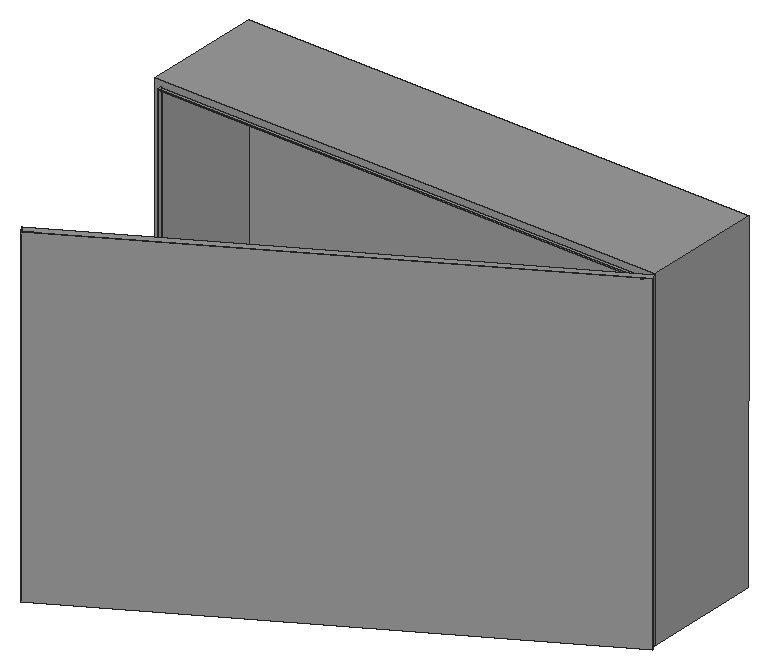
Revit family "Hager-Orion_Inox-IP55-D300-Cl.I-Inox_encl-630A-800mm-NoHosted-CH-en", category Electrical Equipment, Revit 2020
Family settings
  Panel Configuration = Two Columns, Circuits Across
  Round Connector Dimension = Use Diameter
  Part Type = Panelboard
  Work Plane-Based = Yes
  Always vertical = Yes
  Cut with Voids When Loaded = No
  Shared = No
  Room Calculation Point = No
Parameters (values of type "Surface mounted (plaster) IP55 W1200 H800 D300  - FL055BWL")
  Width Control [instance] = if([EF000008 - Width] > Min Width, [EF000008 - Width], Min Width)  # 1200 mm
  Type Comments = [HG000003 - Range]  # "Orion Inox"
  Thickness Door [instance] = if([EF009171 - Material plate thickness door/cover] > 3 mm, 3 mm, [EF009171 - Material plate thickness door/cover])  # 1.5 mm
  Seal Frame Offset [instance] = 17 mm  # constant formula
  Min Width [instance] = 100 mm  # constant formula
  Min Depth [instance] = (2 * [EF009170 - Material plate thickness cabinet]) + 1 mm  # 4 mm
  Min Height [instance] = 100 mm  # constant formula
  Internal Frame Depth [instance] = -(Door System Depth * 0.5)  # -9 mm
  Panel Name [instance] = ""  # (empty or 0)
  Model = ""
  HG000027 - Plinth height = 0 mm
  HG000026 - Floor standing = no
  HG000024 - Bottom section height = 600 mm
  HG000023 - Double section enclosure = no
  HG000016 - Door 3d visibility [instance] = yes
  HG000015 - Clearance visibility [instance] = no
  HG000014 - Door on the right [instance] = yes
  HG000013 - Door on the left [instance] = not([HG000014 - Door on the right])  # no
  HG000012 - Door swing angle [instance] = 30.00°
  HG000010 - Asymmetric doors = no
  HG000009 - Double swing door = no
  HG000006 - Flush mounted = no
  HG000004 - Manufacturer reference = "FL055BWL"
  HG000003 - Range = "Orion Inox"
  HG000002 - With door or cover = yes
  Frame Offset Bottom [instance] = 10 mm  # constant formula
  Frame Offset [instance] = 15 mm  # constant formula
  EF015940 - Cover with overpressure release = no
  EF011959 - Degree of protection (NEMA) = ""
  EF009554 - Number of openings for flange plates = 0
  EF009212 - Cover model = "EV000116 - Closed"
  EF009171 - Material plate thickness door/cover = 1.5 mm
  EF009170 - Material plate thickness cabinet = 1.5 mm
  EF008873 - Nominal current (In) = 630 A
  EF007800 - Suitable for lightning protection = no
  EF006306 - With lock = yes
  EF006244 - Transparent cover/door = no
  EF005474 - Degree of protection (IP) = "EV006420 - IP55"
  EF004464 - Type of door = "EV003602 - Double"
  EF004427 - Number of modules = 0
  EF004293 - Impact strength = "EV008784 - IK10"
  EF003532 - Suitable for outdoor use = yes
  EF002950 - Width in number of modular spacings = 0
  EF001613 - Circuit integrity = "EV000494 - None"
  EF001596 - Material housing = "EV000166 - Stainless steel"
  EF001131 - Internal depth = 266 mm
  EF001088 - Extension possible = yes
  EF000437 - Number of conduit inlets = 0
  EF000339 - Type of cover = "EV004216 - Door"
  EF000266 - Number of rows = 0
  EF000218 - Built-in depth = 0 mm
  EF000118 - With mounting plate = no
  EF000116 - RAL-number = ""
  EF000049 - Depth = 300 mm
  EF000040 - Height = 800 mm
  EF000008 - Width = 1200 mm
  EF000007 - Colour = "EV000154 - Other"
  EF000003 - Mounting method = "EV000384 - Surface mounted (plaster)"
  Door System Leaf Tolerance [instance] = 1.5 mm  # constant formula
  Door System Depth [instance] = 18 mm  # constant formula
  Description = ""
  Default Elevation = 1219.2 mm
  Connector Offset [instance] = Height Control / 2  # 400 mm
  Manufacturer = "Hager"  # constant formula
  Height Control [instance] = if([EF000040 - Height] > Min Height, [EF000040 - Height], Min Height)  # 800 mm
  Depth Control [instance] = if([EF000049 - Depth] > Min Depth, [EF000049 - Depth], Min Depth)  # 300 mm
Types (4, lengths in mm): name | Width Control | HG000004 - Manufacturer reference | EF000008 - Width
  Surface mounted (plaster) IP55 W1000 H800 D300  - FL054BW | 1000 | "FL054BW" | 1000
  Surface mounted (plaster) IP55 W1000 H800 D300  - FL054BWL | 1000 | "FL054BWL" | 1000
  Surface mounted (plaster) IP55 W1200 H800 D300  - FL055BW | 1200 | "FL055BW" | 1200
  Surface mounted (plaster) IP55 W1200 H800 D300  - FL055BWL | 1200 | "FL055BWL" | 1200
Reference planes
  plane 1 "Center (Front/Back)": y = 0
  plane 2: z = 0
  plane 3 "Center (Left/Right)": x = 0
  plane 4: y = 0
  plane 5: y = 0
  plane 6: z = 0
  plane 7: x = -600
  plane 8: x = 600
  plane 9: x = 598.5
  plane 10: x = -598.5
  plane 11: z = 0
  plane 12: z = 1.5
  plane 13: y = -300
  plane 14: y = -1.5
  plane 15: x = 0
  plane 16: y = -282
  plane 17: y = -298.5
  plane 18: y = -280.5
  plane 19: x = -583.5
  plane 20: x = 583.5
  plane 21: z = 11.5
  plane 22: x = -583
  plane 23: x = 583
  plane 24: z = 0
  plane 25: z = 800
  plane 26: z = 800
  plane 27: z = 783.5
  plane 28: z = 798.5
Forms (mm)
  Extrusion 1, solid, material "Hager_Stainless_Steel", detail levels medium+fine
    sketch origin (-208.679, -4572, 0) x (-1, 0, 0) y (0, -1, 0)
      loop
        line (391.321, -4290) -> (-808.679, -4290) -> (-808.679, -4572) -> (391.321, -4572) -> (391.321, -4290)
    from 0 to 800
  Extrusion 2, void
    sketch origin (-350.771, -300, 1219.2) x (1, 0, 0) y (0, 0, 1)
      loop
        line (-247.729, -420.7) -> (-247.729, -1217.7) -> (949.271, -1217.7) -> (949.271, -420.7) -> (-247.729, -420.7)
    from -19.5 to -298.5
  Extrusion 3, void
    sketch origin (-290.084, -282, 1219.2) x (1, 0, 0) y (0, 0, 1)
      loop
        line (-293.416, -1207.7) -> (873.584, -1207.7) -> (873.584, -435.7) -> (-293.416, -435.7) -> (-293.416, -1207.7)
    from 0 to -1.5
  Extrusion 4, solid, material "Hager_Stainless_Steel", detail levels fine
    sketch origin (-290.084, -282, 1219.2) x (-1, 0, 0) y (0, 0, 1)
      loop
        line (-873.584, -1207.7) -> (293.416, -1207.7) -> (293.416, -435.7) -> (-873.584, -435.7) -> (-873.584, -1207.7)
      loop
        line (-875.084, -1209.2) -> (294.916, -1209.2) -> (294.916, -434.2) -> (-875.084, -434.2) -> (-875.084, -1209.2)
    from 0 to -9 <- "Internal Frame Depth"
  Extrusion 5, solid, material "Hager_Stainless_Steel", detail levels coarse
    sketch origin (0, 0, 0) x (1, 0, 0) y (0, 1, 0)
      loop
        line (-600, 0) -> (-600, -300) -> (600, -300) -> (600, 0) -> (-600, 0)
    from 0 to 800 <- "Height Control"
Cuts and joins
  Extrusion 2, Extrusion 3 cuts Extrusion 1
Lines and regions (mm)
  Masking region 1
    outline origin (0, 0, 0) x (1, 0, 0) y (0, 1, 0)
      loop
        line (-600, 0) -> (-600, -300) -> (600, -300) -> (600, 0) -> (-600, 0)
  Masking region 2
    outline origin (-290.084, -282, 1219.2) x (-1, 0, 0) y (0, 0, 1)
      loop
        line (-890.084, -1219.2) -> (309.916, -1219.2) -> (309.916, -419.2) -> (-890.084, -419.2) -> (-890.084, -1219.2)
  Masking region 3, detail levels coarse
    outline origin (0, 0, 0) x (0, 1, 0) y (0, 0, 1)
      loop
        line (0, 0) -> (0, 800) -> (-300, 800) -> (-300, 0) -> (0, 0)
  Masking region 4, detail levels medium+fine
    outline origin (0, 0, 594.038) x (0, 1, 0) y (0, 0, 1)
      loop
        line (0, -594.038) -> (0, 205.962) -> (-282, 205.962) -> (-282, -594.038) -> (0, -594.038)
Dimensions and locks
  locked: plane 1 "Center (Front/Back)" to plane 5
  "EF009170 - Material plate thickness cabinet": plane 7 to plane 10
  "EF009170 - Material plate thickness cabinet": plane 8 to plane 9
  equal spacing: plane 7, plane 3 "Center (Left/Right)", plane 8
  "Width Control": plane 7 to plane 8
  "Depth Control": plane 4 to plane 13
  "EF009170 - Material plate thickness cabinet": plane 4 to plane 14
  "Height Control": plane 25 to level
  "EF009170 - Material plate thickness cabinet": plane 12 to plane 11
  "EF009170 - Material plate thickness cabinet": plane 17 to plane 13
  "EF009170 - Material plate thickness cabinet": plane 18 to plane 16
  "Frame Offset Bottom": plane 21 to plane 12
  "Frame Offset": plane 10 to plane 19
  "Frame Offset": plane 9 to plane 20
  "Door System Depth": plane 16 to plane 13
  "Seal Frame Offset": plane 7 to plane 22
  "Seal Frame Offset": plane 8 to plane 23
  "EF009170 - Material plate thickness cabinet": plane 26 to plane 28
  "Frame Offset": plane 28 to plane 27
  "Connector Offset": plane 2 to connector elem
  "Thickness Door": cut or joined group of Extrusion 1, Extrusion 2, Extrusion 3 to Extrusion 4 sketch curve
  "Thickness Door": Extrusion 4 sketch curve to plane 19
  "Thickness Door": Extrusion 4 sketch curve to plane 20
  "Thickness Door": Extrusion 4 sketch curve to plane 27
  aligned and locked: Extrusion 2 sketch curve to plane 12
  aligned and locked: Extrusion 2 sketch curve to plane 9
  aligned and locked: Extrusion 2 sketch curve to plane 10
  aligned and locked: Extrusion 2 to plane 14
  aligned and locked: Extrusion 1 sketch curve to plane 4
  aligned and locked: plane 8 to Extrusion 1 sketch curve
  aligned and locked: plane 7 to Extrusion 1 sketch curve
  aligned and locked: Extrusion 2 to plane 18
  aligned and locked: Extrusion 3 sketch curve to plane 19
  aligned and locked: plane 20 to Extrusion 3 sketch curve
  aligned and locked: Extrusion 3 to Extrusion 2
  aligned and locked: Extrusion 3 sketch curve to plane 21
  aligned and locked: plane 3 "Center (Left/Right)" to nested 1
  aligned and locked: Extrusion 1 sketch curve to plane 16
  aligned and locked: Masking region 1 sketch curve to plane 7
  aligned and locked: Masking region 1 sketch curve to plane 5
  aligned and locked: Masking region 1 sketch curve to plane 8
  aligned and locked: Masking region 2 sketch curve to level
  aligned and locked: level to Masking region 3 sketch curve
  aligned and locked: plane 1 "Center (Front/Back)" to Masking region 3 sketch curve
  aligned and locked: plane 13 to Masking region 3 sketch curve
  aligned and locked: Masking region 2 sketch curve to plane 8
  aligned and locked: Masking region 2 sketch curve to plane 7
  aligned and locked: plane 7 to nested 2
  aligned and locked: nested 2 to plane 5
  aligned and locked: plane 5 to Masking region 4 sketch curve
  aligned and locked: plane 26 to Masking region 4 sketch curve
  aligned and locked: Extrusion 5 sketch curve to plane 8
  aligned and locked: Extrusion 5 sketch curve to plane 7
  aligned and locked: Extrusion 5 sketch curve to plane 5
  aligned and locked: Extrusion 3 sketch curve to plane 27
  aligned and locked: Extrusion 2 sketch curve to plane 28
  aligned and locked: Extrusion 4 sketch curve to plane 27
  aligned and locked: Extrusion 4 sketch curve to plane 20
  aligned and locked: Extrusion 4 sketch curve to plane 21
  aligned and locked: Extrusion 4 sketch curve to plane 19
  aligned and locked: Masking region 2 to plane 25
  aligned and locked: Masking region 4 sketch curve to plane 24
  aligned and locked: Masking region 1 to plane 13
  aligned and locked: nested 1 to plane 16
  aligned and locked: Masking region 3 to plane 25
  aligned and locked: Masking region 4 sketch curve to plane 16
  aligned and locked: plane 24 to plane 11
  aligned and locked: plane 26 to plane 25
  aligned and locked: level to plane 24
  aligned and locked: Extrusion 1 to Masking region 3
  aligned and locked: nested 1 to level
Automatic sketch dimensions
  Extrusion 5 sketch curve to plane 13 = 0 mm
  plane 27 to Masking region 2 sketch curve = 16.5 mm
  plane 27 to Masking region 3 sketch curve = 16.5 mm
  Masking region 1 sketch curve to plane 13 = 0 mm
  Extrusion 3 sketch curve to plane 21 = 0 mm
  plane 19 to Extrusion 3 sketch curve = 0 mm
  Extrusion 3 sketch curve to plane 20 = 0 mm
Nested families
  nested 1: "EC000058_OrionInox_Door" at (0, -282, 0), Double <- "HG000009 - Double swing door", Transparent <- "EF006244 - Transparent cover/door", Angle <- "HG000012 - Door swing angle", Door_Right <- "HG000014 - Door on the right", Assymetrical <- "HG000010 - Asymmetric doors", Door <- "HG000002 - With door or cover", Width_Ctrl <- "Width Control", 3d_Door <- "HG000016 - Door 3d visibility", Clearance <- "HG000015 - Clearance visibility", Door_Left <- "HG000013 - Door on the left", Width <- "Width Control", Door_Depth <- "Door System Depth", Leaf_Tolerance <- "Door System Leaf Tolerance", Height <- "Height Control", Thickness <- "Thickness Door", type "EC000058_OrionInox_Door", detail levels medium+fine
    with min_wh 4 mm, Width_Ctrl 1200 mm, Width 1200 mm, Transparent no, Thickness 1.5 mm, Seal_Material Hager_Rubber, Leaf_Width 1200 mm, Leaf_Tolerance_External_Sides 0 mm, Leaf_Tolerance 1.5 mm, Leaf_Offset 0 mm, Leaf_Height 797 mm, Leaf_2_Width 1200 mm, Leaf_2_Offset 600 mm, Leaf_1_Width 1200 mm, Leaf_1_Offset 600 mm, Height_Ctrl 800 mm, Height 800 mm, Glass_Material Hager_Glass, Double_Clearance_Ctrl no, Double no, Door_Right_Ctrl yes, Door_Right yes, Door_Material Hager_Stainless_Steel, Door_Left_Ctrl no, Door_Left no, Door_Depth 18 mm, Door yes, Clearance_Material Hager_Clearance, Clearance_Depth 1200 mm, Clearance_Ctrl no, Clearance no, Assymetrical no, Angle 30.00°, 3d_Door yes
  nested 2: "Hager_Enclosure_Symbol" at (-600, 0, 0), Height <- "Depth Control", Width <- "Width Control", type "Hager_Enclosure_Symbol"
    with Width_Ctrl 1200 mm, Width 1200 mm, Height_Ctrl 300 mm, Height 300 mm, A_Width_Int 19.688 mm, A_Width 236.25 mm, A_Height_Ctrl 262.5 mm, A_Height 262.5 mm
Connectors
  electrical at (0, 0, 400)
    settings: on plane 1 "Center (Front/Back)", index 1, voltage 0 V, apparent load 0 VA, apparent load phase1 0 VA, apparent load phase2 0 VA, apparent load phase3 0 VA, power factor 1, load classification "Other", number of poles 1, system type 30, power factor state 1, is connector primary yes, connector utility no, sub classification motor no, connector description ""
Definition of nested family "EC000058_OrionInox_Door"
  Parameters (values of type "EC000058_OrionInox_Door")
    min_wh [instance] = (2 * Thickness) + 1 mm  # 11 mm
    Width_Ctrl [instance] = 400 mm
    Width [instance] = 500 mm
    Transparent [instance] = yes
    Thickness [instance] = 5 mm
    Seal_Material [instance] = none
    Leaf_Width [instance] = if((Width_Ctrl - 2 * Leaf_Tolerance_External_Sides) > 0 mm, (Width_Ctrl - 2 * Leaf_Tolerance_External_Sides), min_wh)  # 400 mm
    Leaf_Tolerance_External_Sides [instance] = 0 mm  # constant formula
    Leaf_Tolerance [instance] = 1.5 mm
    Leaf_Offset [instance] = 0 mm  # constant formula
    Leaf_Height [instance] = if((Height_Ctrl - 2 * Leaf_Tolerance) > 0 mm, (Height_Ctrl - 2 * Leaf_Tolerance), min_wh)  # 497 mm
    Leaf_2_Width [instance] = if(and(and(Double, Assymetrical), Door_Left), (Leaf_Width / 3) - (Leaf_Tolerance / 2), if(and(and(Double, Assymetrical), Door_Right), (Leaf_Width / 3) * 2 - (Leaf_Tolerance / 2), if(and(Double, not(Assymetrical)), (Leaf_Width / 2) - Leaf_Tolerance, Leaf_Width)))  # 400 mm
    Leaf_2_Offset [instance] = if(and(Double, Assymetrical), Leaf_2_Width / 2, if(and(Double, not(Assymetrical)), Leaf_Width / 4, Leaf_Width / 2))  # 200 mm
    Leaf_1_Width [instance] = if(and(and(Double, Assymetrical), Door_Right), (Leaf_Width / 3) - (Leaf_Tolerance / 2), if(and(and(Double, Assymetrical), Door_Left), (Width / 3) * 2 - (Leaf_Tolerance / 2), if(and(Double, not(Assymetrical)), (Leaf_Width / 2) - Leaf_Tolerance, Leaf_Width)))  # 400 mm
    Leaf_1_Offset [instance] = if(and(Double, Assymetrical), Leaf_1_Width / 2, if(and(Double, not(Assymetrical)), Leaf_Width / 4, Leaf_Width / 2))  # 200 mm
    Height_Ctrl [instance] = if(Height > min_wh, Height, min_wh)  # 500 mm
    Height [instance] = 500 mm
    Glass_Material [instance] = none
    Double_Clearance_Ctrl [instance] = and(Double, Clearance)  # no
    Double [instance] = no
    Door_Right_Ctrl [instance] = and(or(Door_Right, Double), Door)  # yes
    Door_Right [instance] = yes
    Door_Material [instance] = none
    Door_Left_Ctrl [instance] = and(or(Door_Left, Double), Door)  # no
    Door_Left [instance] = no
    Door_Depth [instance] = 30 mm
    Door [instance] = yes
    Default Elevation = 1219.2 mm
    Clearance_Material [instance] = none
    Clearance_Depth [instance] = if(Leaf_1_Width > Leaf_2_Width, Leaf_1_Width, Leaf_2_Width)  # 400 mm
    Clearance_Ctrl [instance] = and(not(Double), Clearance)  # yes
    Clearance [instance] = yes
    Assymetrical [instance] = yes
    Angle [instance] = 30.00°
    3d_Door [instance] = yes
  Reference planes
    plane 1 "Center (Front/Back)": y = 0
    plane 2 "Bottom": z = 0
    plane 3 "Center (Left/Right)": x = 0
    plane 4: z = 500
    plane 5: x = -200
    plane 6: x = 200
    plane 7: z = 500
    plane 8: x = -200
    plane 9: z = 0
    plane 10: x = 200
    plane 11: y = 0
    plane 12: z = 1.5
    plane 13: x = -600
    plane 14: y = -400
    plane 15: x = 600
    plane 16: x = 0
    plane 17: x = 0
    plane 18: x = -200
    plane 19: x = 200
    plane 20: z = 498.5
  Forms (mm)
    Extrusion 1, solid, material <- "Clearance_Material", visible <- "Double_Clearance_Ctrl"
      sketch origin (1200, 0, 0) x (1, 0, 0) y (0, 0, -1)
        loop
          line (-1800, -498.5) -> (-600, -498.5) -> (-600, 0) -> (-1800, 0) -> (-1800, -498.5)
      from 0 to -400
  Dimensions and locks
    equal spacing: plane 5, plane 3 "Center (Left/Right)", plane 6
    "Width_Ctrl": plane 5 to plane 6
    "Leaf_Offset": plane 5 to plane 8
    "Leaf_Offset": plane 6 to plane 10
    "Leaf_Offset": plane 9 to level
    "Leaf_Offset": plane 4 to plane 7
    "Height_Ctrl": plane 4 to level
    "Leaf_Tolerance": plane 12 to plane 9
    locked: plane 11 to plane 1 "Center (Front/Back)"
    "Leaf_1_Offset": plane 18 to plane 16
    "Leaf_2_Offset": plane 17 to plane 19
    "Leaf_1_Width": plane 13 to plane 8
    "Leaf_2_Width": plane 10 to plane 15
    "Clearance_Depth": plane 14 to plane 1 "Center (Front/Back)"
    "Leaf_Tolerance_External_Sides": plane 8 to plane 18
    "Leaf_Tolerance_External_Sides": plane 19 to plane 10
    "Leaf_Tolerance": plane 7 to plane 20
    aligned and locked: level to plane 2 "Bottom"
    aligned and locked: nested 1 to plane 16
    aligned and locked: nested 2 to plane 17
    aligned and locked: Extrusion 1 to plane 13
    aligned and locked: plane 15 to Extrusion 1
    aligned and locked: Extrusion 1 to plane 14
    aligned and locked: plane 12 to nested 1
    aligned and locked: nested 2 to plane 12
    aligned and locked: Extrusion 1 to plane 11
    aligned and locked: plane 20 to Extrusion 1
    aligned and locked: nested 2 to plane 11
    aligned and locked: nested 1 to plane 11
  Automatic sketch dimensions
    Extrusion 1 sketch curve to level = 0 mm
    plane 5 to Extrusion 1 sketch curve = 400 mm
    plane 6 to Extrusion 1 sketch curve = 400 mm
    Extrusion 1 sketch curve to plane 4 = 1.5 mm
  Nested families
    nested 1: "EC000058_OrionInox_Door_Leaf" at (0, 0, 1.5), Width <- "Leaf_1_Width", visible <- "Door_Left_Ctrl", Leaf_Height <- "Leaf_Height", Angle <- "Angle", 3d_Door <- "3d_Door", Transparent <- "Transparent", Clearance Material <- "Clearance_Material", Clearance <- "Clearance_Ctrl", Door_Material <- "Door_Material", Glass_Material <- "Glass_Material", Door_Depth <- "Door_Depth", Seal_Material <- "Seal_Material", Thickness <- "Thickness", type "EC000058_OrionInox_Door_Leaf"
      with Width 400 mm, Transparent_Ctrl yes, Transparent yes, Thickness 5 mm, Standard no, Seal_Material none, Seal_D2 8 mm, Seal_D1 1 mm, Offset_Internal_Frame 10 mm, Lock_Width 28 mm, Lock_Thickness 2 mm, Lock_Radius 6 mm, Leaf_Height 497 mm, Internal_Seal_Thickness 8 mm, Internal_Seal_Depth_2 4.5 mm, Internal_Frame_Depth 25 mm, Glass_Thickness -1 mm, Glass_Offset -2 mm, Glass_Material none, Door_Material none, Door_Depth 30 mm, Clearance Material none, Clearance yes, Angle_Ctrl 30.00°, Angle 30.00°, 3d_Door yes
    nested 2: "EC000058_OrionInox_Door_Leaf" at (0, 0, 1.5) x (-1, 0, 0) z (0, 0, 1), Width <- "Leaf_2_Width", visible <- "Door_Right_Ctrl", Leaf_Height <- "Leaf_Height", Angle <- "Angle", 3d_Door <- "3d_Door", Transparent <- "Transparent", Clearance Material <- "Clearance_Material", Clearance <- "Clearance_Ctrl", Door_Material <- "Door_Material", Glass_Material <- "Glass_Material", Door_Depth <- "Door_Depth", Seal_Material <- "Seal_Material", Thickness <- "Thickness", type "EC000058_OrionInox_Door_Leaf"
      with Width 400 mm, Transparent_Ctrl yes, Transparent yes, Thickness 5 mm, Standard no, Seal_Material none, Seal_D2 8 mm, Seal_D1 1 mm, Offset_Internal_Frame 10 mm, Lock_Width 28 mm, Lock_Thickness 2 mm, Lock_Radius 6 mm, Leaf_Height 497 mm, Internal_Seal_Thickness 8 mm, Internal_Seal_Depth_2 4.5 mm, Internal_Frame_Depth 25 mm, Glass_Thickness -1 mm, Glass_Offset -2 mm, Glass_Material none, Door_Material none, Door_Depth 30 mm, Clearance Material none, Clearance yes, Angle_Ctrl 30.00°, Angle 30.00°, 3d_Door yes
  Definition of nested family "EC000058_OrionInox_Door_Leaf"
    Parameters (values of type "EC000058_OrionInox_Door_Leaf")
      Width [instance] = 450 mm
      Transparent_Ctrl [instance] = and(Transparent, [3d_Door])  # yes
      Transparent [instance] = yes
      Thickness [instance] = 5 mm
      Standard [instance] = and(not(Transparent), [3d_Door])  # no
      Seal_Material [instance] = none
      Seal_D2 [instance] = 8 mm  # constant formula
      Seal_D1 [instance] = 1 mm  # constant formula
      Offset_Internal_Frame [instance] = 10 mm  # constant formula
      Lock_Width [instance] = Door_Depth - Lock_Thickness  # 28 mm
      Lock_Thickness [instance] = 2 mm  # constant formula
      Lock_Radius [instance] = 6 mm  # constant formula
      Leaf_Height [instance] = 450 mm
      Internal_Seal_Thickness [instance] = 8 mm  # constant formula
      Internal_Seal_Depth_2 [instance] = 4.5 mm  # constant formula
      Internal_Frame_Depth [instance] = if(Door_Depth - Thickness > 5 mm, Door_Depth - Thickness, 5 mm)  # 25 mm
      Glass_Thickness [instance] = if(Thickness > 15 mm, Glass_Offset + 10 mm, -1 mm)  # -1 mm
      Glass_Offset [instance] = if(Thickness > 15 mm, -(Thickness + 10 mm) / 2, -2 mm)  # -2 mm
      Glass_Material [instance] = none
      Door_Material [instance] = none
      Door_Depth [instance] = 30 mm
      Default Elevation = 0 mm
      Clearance Material [instance] = none
      Clearance [instance] = yes
      Angle_Ctrl [instance] = if(Angle > 180.00°, 180.00°, Angle)  # 90.00°
      Angle [instance] = 90.00°
      3d_Door [instance] = yes
    Reference planes
      plane 1 "Center (Front/Back)": y = 0
      plane 2: z = 0
      plane 3 "Center (Left/Right)": x = 0
      plane 4: y = 450
      plane 5: x = -225
      plane 6: x = 225
      plane 7: x = -675
      plane 8: z = 450
      plane 9: z = 30
      plane 10: z = 420
      plane 11: x = 195
      plane 12: x = -195
      plane 13: y = -3
      plane 14: z = 107.833
      plane 15: y = -5
      plane 16: y = -223.314
      plane 17: x = -225
      plane 18: y = 30
    Forms (mm)
      Extrusion 1, solid, material <- "Clearance Material", visible <- "Clearance"
        sketch origin (0, 0, 0) x (1, 0, 0) y (0, 0, 1)
          loop
            line (-675, 450) -> (-675, 0) -> (225, 0) -> (225, 450) -> (-675, 450)
        from 0 to -450
      Extrusion 2, solid, material <- "Door_Material", visible <- "Standard", detail levels medium+fine
        sketch origin (-225, 0, 0) x (0, 1, 0) y (-1, 0, 0)
          loop
            line (0, 30) -> (0, 25) -> (450, 25) -> (450, 30) -> (0, 30)
        from 0 to 450 <- "Leaf_Height"
      Extrusion 3, solid, material <- "Door_Material", visible <- "Transparent_Ctrl", detail levels medium+fine
        sketch origin (-225, 0, 0) x (0, 1, 0) y (-1, 0, 0)
          loop
            line (0, 25) -> (450, 25) -> (450, 30) -> (0, 30) -> (0, 25)
        from 0 to 450 <- "Leaf_Height"
      Extrusion 4, void
        sketch origin (-250, 450, 0) x (0, 1, 0) y (0, 0, -1)
          loop
            line (-30, -420) -> (-30, -30) -> (-420, -30) -> (-420, -420) -> (-30, -420)
        from 0 to 5 <- "Thickness"
      Sweep 5, solid, material <- "Seal_Material", visible <- "Transparent_Ctrl", detail levels fine
        path in 3D
          loop
            line (-250, 30, 30) -> (-250, 30, 420) -> (-250, 420, 420) -> (-250, 420, 30) -> (-250, 30, 30)
        profile origin (-250, 225, 30) x (1, 0, 0) y (0, 0, 1)
          loop
            line (0, 0) -> (0, -8) -> (1, -8) -> (1, 0) -> (0, 0)
      Extrusion 6, solid, material <- "Glass_Material", visible <- "Transparent_Ctrl", detail levels medium+fine
        sketch origin (-255, 0, 0) x (0, 1, 0) y (0, 0, -1)
          loop
            line (420, -420) -> (420, -30) -> (30, -30) -> (30, -420) -> (420, -420)
        from -2 <- "Glass_Offset" to -1 <- "Glass_Thickness"
      Extrusion 7, solid, material <- "Door_Material", visible <- "3d_Door", detail levels medium+fine
        sketch origin (-250, 450, 0) x (0, -1, 0) y (0, 0, -1)
          loop
            line (0, -450) -> (450, -450) -> (450, 0) -> (0, 0) -> (0, -450)
          loop
            line (445, -5) -> (5, -5) -> (5, -445) -> (445, -445) -> (445, -5)
        from 0 to 25 <- "Internal_Frame_Depth"
      Sweep 8, solid, material <- "Seal_Material", visible <- "Transparent_Ctrl", detail levels fine
        path in 3D
          loop
            line (-250, 0, 0) -> (-250, 450, 0) -> (-250, 450, 450) -> (-250, 0, 450) -> (-250, 0, 0)
        profile origin (-250, 0, 225) x (1, 0, 0) y (0, 1, 0)
          loop
            line (0, 10) -> (2.975, 10)
            arc (2.975, 10) -> (4.053, 10.447) -> (4.5, 11.525) r 1.525
            line (4.5, 11.525) -> (4.5, 16.527)
            arc (4.5, 16.527) -> (4.069, 17.569) -> (3.027, 18) r 1.473
            line (3.027, 18) -> (0, 18) -> (0, 10)
    Cuts and joins
      Extrusion 4 cuts Extrusion 3
    Lines and regions (mm)
      Masking region 1, detail levels medium+fine
        outline origin (0, 0, 0) x (0, 1, 0) y (0, 0, 1)
          loop
            line (0, 0) -> (30, 0) -> (30, 450) -> (0, 450) -> (0, 0)
      Masking region 2, detail levels medium+fine
        outline origin (0, 0, 0) x (1, 0, 0) y (0, 0, 1)
          loop
            line (-225, 450) -> (-225, 0) -> (225, 0) -> (225, 450) -> (-225, 450)
      symbolic lines
        curve 1: line (225, 0, 0) -> (-675, 0, 0)
        curve 2: arc (225, 0, 0) -> (-225, 450, 0) -> (-675, 0, 0) r 450
        curve 4: line (-255, 0, 0) -> (-255, 450, 0)
      reference lines
        curve 3: line (-225, 0, 0) -> (-225, 450, 0)
      symbolic lines, detail levels medium+fine
        curve 5: line (-255, 450, 0) -> (-250, 450, 0)
        curve 7: line (-250, 0, 0) -> (-255, 0, 0)
        curve 8: line (-250, 0, 0) -> (-225, 0, 0)
        curve 9: line (-225, 0, 0) -> (-225, 450, 0)
        curve 10: line (-225, 450, 0) -> (-250, 450, 0)
      symbolic lines, detail levels fine
        curve 6: line (-250, 450, 0) -> (-250, 0, 0)
      sketch lines
        curve 11: line (-250, 0, 450) -> (-250, 0, 0)
        curve 12: line (-250, 450, 0) -> (-250, 0, 0)
        curve 13: line (-250, 450, 450) -> (-250, 450, 0)
        curve 14: line (-250, 0, 450) -> (-250, 450, 450)
        curve 15: line (-250, 420, 30) -> (-250, 30, 30)
        curve 16: line (-250, 30, 30) -> (-250, 30, 420)
        curve 17: line (-250, 420, 420) -> (-250, 420, 30)
        curve 18: line (-250, 30, 420) -> (-250, 420, 420)
      symbolic lines, visible <- "Transparent", detail levels medium+fine
        curve 19: line (-195, 0, 420) -> (195, 0, 420)
        curve 20: line (-195, 0, 30) -> (-195, 0, 420)
        curve 21: line (195, 0, 30) -> (-195, 0, 30)
        curve 22: line (195, 0, 420) -> (195, 0, 30)
    Dimensions and locks
      "Width": plane 1 "Center (Front/Back)" to plane 4
      equal spacing: plane 5, plane 3 "Center (Left/Right)", plane 6
      "Width": plane 5 to plane 6
      "Width": plane 7 to plane 5
      "Leaf_Height": plane 8 to level
      "Width": curve 5 to curve 3
      "Width": curve 3 to curve 3
      plane 8 to plane 10 = 30 mm
      plane 9 to level = 30 mm
      plane 12 to plane 5 = 30 mm
      plane 6 to plane 11 = 30 mm
      Extrusion 4 sketch curve to Extrusion 3 = 30 mm
      Extrusion 3 to Extrusion 4 sketch curve = 30 mm
      Extrusion 1 to Extrusion 4 sketch curve = 30 mm
      curve 3 to Extrusion 4 sketch curve = 30 mm
      Extrusion 4 sketch curve to cut or joined group of Extrusion 3, Extrusion 4 = 30 mm
      cut or joined group of Extrusion 3, Extrusion 4 to Extrusion 6 sketch curve = 30 mm
      cut or joined group of Extrusion 3, Extrusion 4 to Extrusion 4 sketch curve = 30 mm
      "Thickness": curve 6 to curve 4
      "Thickness": Extrusion 7 sketch curve to Extrusion 7 sketch curve  (x4)
      "Door_Depth": curve 4 to curve 3
      "Offset_Internal_Frame": profile plane to Sweep 8 sketch curve
      "Internal_Seal_Thickness": Sweep 8 sketch curve to Sweep 8 sketch curve
      "Internal_Seal_Depth_2": profile plane to Sweep 8 sketch curve
      "Seal_D1": profile plane to Sweep 5 sketch curve
      "Seal_D2": profile plane to Sweep 5 sketch curve
      "Thickness": Extrusion 2 sketch curve to Extrusion 2 sketch curve
      "Door_Depth": plane 18 to plane 1 "Center (Front/Back)"
      radius of Sweep 8 sketch curve = 1.525 mm
      radius of Sweep 8 sketch curve = 1.473 mm
      "Angle_Ctrl": angle plane 1 "Center (Front/Back)" to curve 3
      aligned and locked: level to plane 2
      aligned and locked: Extrusion 1 to curve 1
      aligned and locked: plane 6 to Extrusion 1
      aligned and locked: plane 1 "Center (Front/Back)" to Extrusion 1
      aligned and locked: plane 4 to Extrusion 1
      aligned and locked: plane 8 to Extrusion 1
      aligned and locked: curve 7 to Extrusion 2 sketch curve
      aligned and locked: curve 5 to Extrusion 2 sketch curve
      aligned and locked: curve 7 to Extrusion 3 sketch curve
      aligned and locked: Extrusion 3 sketch curve to curve 4
      aligned and locked: Extrusion 3 sketch curve to curve 6
      aligned and locked: Extrusion 3 sketch curve to curve 5
      aligned and locked: curve 9 to curve 3
      aligned and locked: Extrusion 7 sketch curve to cut or joined group of Extrusion 3, Extrusion 4  (x4)
      aligned and locked: plane 17 to curve 3
      aligned and locked: plane 1 "Center (Front/Back)" to curve 3
      aligned and locked: plane 17 to plane 5
      aligned and locked: Sweep 8 sketch curve to profile plane
      aligned and locked: Sweep 5 sketch curve to profile plane  (x2)
      aligned and locked: plane 1 "Center (Front/Back)" to Masking region 1 sketch curve
      aligned and locked: plane 18 to Masking region 1 sketch curve
      aligned and locked: level to Masking region 1 sketch curve
      aligned and locked: Masking region 1 sketch curve to plane 8
      aligned and locked: plane 17 to Masking region 2 sketch curve
      aligned and locked: level to Masking region 2 sketch curve
      aligned and locked: Masking region 2 sketch curve to plane 8
      aligned and locked: plane 12 to curve 20
      aligned and locked: plane 10 to curve 19
      aligned and locked: plane 11 to curve 22
      aligned and locked: plane 9 to curve 21
      aligned and locked: Extrusion 2 sketch curve to cut or joined group of Extrusion 3, Extrusion 4
    Automatic sketch dimensions
      plane 1 "Center (Front/Back)" to curve 2 = 0 mm
      curve 2 to plane 5 = 0 mm
      Extrusion 1 sketch curve to level = 0 mm
      Extrusion 1 sketch curve to plane 7 = 0 mm
      Extrusion 1 sketch curve to plane 6 = 0 mm
      Extrusion 1 sketch curve to plane 8 = 0 mm
      Extrusion 3 to Extrusion 6 sketch curve = 30 mm  (x4)
      Masking region 2 sketch curve to plane 6 = 0 mm
      curve 4 to curve 3 = 0 mm
Definition of nested family "Hager_Enclosure_Symbol"
  Parameters (values of type "Hager_Enclosure_Symbol")
    Width_Ctrl [instance] = if(Width > 1 mm, Width, 1 mm)  # 102.27 mm
    Width [instance] = 102.27 mm
    Height_Ctrl [instance] = if(Height > 1 mm, Height, 1 mm)  # 66.5 mm
    A_Width_Int [instance] = if(A_Width / 12 > 2 mm, A_Width / 12, 2 mm)  # 4.364 mm
    A_Width [instance] = if(A_Height_Ctrl * 0.9 > 2 mm, A_Height_Ctrl * 0.9, 2 mm)  # 52.369 mm
    A_Height_Ctrl [instance] = if(A_Height > 2 mm, A_Height, 2 mm)  # 58.188 mm
    Height [instance] = 66.5 mm
    A_Height [instance] = Height - (Height / 8)  # 58.188 mm
  Reference planes
    plane 1 "Centre (avant/arrière)": y = 0
    plane 2: z = 0
    plane 3 "Centre (gauche/droite)": x = 0
    plane 4: x = 52.369
    plane 5: y = 33.042
    plane 6: y = 41.77
    plane 7: y = 66.5
    plane 8: x = 26.184
    plane 9: y = 37.406
    plane 10: x = 102.27
    plane 11: y = 66.5
    plane 12: y = 8.313
  Lines and regions (mm)
    Filled region 1, type "Solid_Black", in view "Niveau de réf."
      outline origin (0, 0, 0) x (1, 0, 0) y (0, 1, 0)
        loop
          line (52.369, 66.5) -> (33.188, 54.536) -> (45.365, 45.006) -> (52.369, 66.5)
    Filled region 2, type "Solid_Black", in view "Niveau de réf."
      outline origin (0, 0, 0) x (1, 0, 0) y (0, 1, 0)
        loop
          line (0, 0) -> (102.27, 0) -> (102.27, 66.5) -> (0, 0)
    detail lines, in view "Niveau de réf."
      curve 1: line (0, 8.313, 0) -> (26.184, 41.77, 0)
      curve 2: line (26.184, 41.77, 0) -> (26.184, 33.042, 0)
      curve 3: line (26.184, 33.042, 0) -> (52.369, 66.5, 0)
  Dimensions and locks
    "A_Width": plane 3 "Centre (gauche/droite)" to plane 4
    equal spacing: plane 3 "Centre (gauche/droite)", plane 8, plane 4
    equal spacing: plane 6, plane 9, plane 5
    equal spacing: curve 3, Filled region 1 sketch curve, Filled region 1 sketch curve
    "Height_Ctrl": plane 1 "Centre (avant/arrière)" to plane 11
    "A_Height_Ctrl": plane 11 to plane 12
    equal spacing: plane 11, plane 9, plane 12
    "A_Width_Int": plane 6 to plane 9
    "Width_Ctrl": plane 3 "Centre (gauche/droite)" to plane 10
    angle Filled region 1 sketch curve to curve 3 = 20.00°
    angle curve 3 to Filled region 1 sketch curve = 20.00°
    locked: curve 3 to Filled region 1 sketch curve (angle 90.00°)
    aligned and locked: plane 10 to Filled region 2
    aligned and locked: plane 11 to Filled region 2 sketch curve
    aligned and locked: plane 10 to Filled region 2 sketch curve
    aligned and locked: plane 3 "Centre (gauche/droite)" to curve 1
    aligned and locked: plane 12 to curve 1
    aligned and locked: plane 7 to plane 11
  Automatic sketch dimensions
    Filled region 1 sketch curve to plane 4 = 0 mm
    Filled region 1 sketch curve to plane 7 = 0 mm
    plane 1 "Centre (avant/arrière)" to Filled region 2 sketch curve = 0 mm
    Filled region 2 sketch curve to plane 3 "Centre (gauche/droite)" = 0 mm
    curve 2 to plane 6 = 0 mm
    curve 2 to plane 8 = 0 mm
    curve 3 to plane 4 = 0 mm
    curve 2 to plane 5 = 0 mm
    curve 3 to plane 7 = 0 mm
